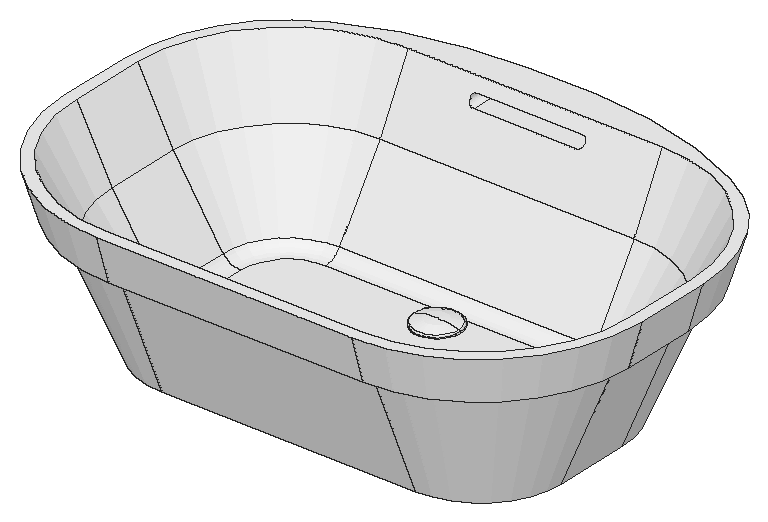
Revit family "Reece_Basin_LAUFEN_INO_Semi Inset Basin_500 mm", category Plumbing Fixtures, host Face, Revit 2018
Family settings
  Host = Face
  Round Connector Dimension = Use Diameter
  Part Type = Normal
  Cut with Voids When Loaded = No
  Shared = Yes
  Room Calculation Point = Yes
Parameters
  WFU = 0  # constant formula
  URL = "https://www.reece.com.au/product/-9506793"
  Type Comments = "Basin"
  Reece_Product_Web Page = "https://www.reece.com.au/product/-9506793"
  Reece_Product_Type = "Basin"  # constant formula
  Reece_Product_Sub Brand = "INO"  # constant formula
  Reece_Product_Number = "9506793"
  Reece_Product_Mount = "Semi Inset"
  Reece_Product_Description = "LAUFEN Ino Semi Inset Basin with Overflow No Taphole 500mm White"
  Reece_Product_Brand = "LAUFEN"  # constant formula
  Reece_Overall_Width = 500 mm  # constant formula
  Reece_Overall_Length = 365 mm  # constant formula
  Reece_Overall_Height = 150 mm  # constant formula
  Reece_Overall_Capacity = 4.20 L  # constant formula
  Reece_Material-Main = Reece_SaphirKeramik_White
  Reece_Detail_Installation = "Semi Inset Basin"  # constant formula
  Reece_Detail_Disclaimer = "THIS FILE IS THE PROPERTY OF THE REECE GROUP. IT MAY NOT BE REPRODUCED, REVERSE-ENGINEERED OR MODIFIED. ANY REPUBLICATION, TRANSMISSION OR DISTRIBUTION FOR THE PURPOSE OF COMMERCIALLY EXPLOITING THE FILES IS PROHIBITED."  # constant formula
  Reece_Detail_Connector = "No Taphole"  # constant formula
  Reece_Detail_Additional = "Overflow"  # constant formula
  Reece_Basin_Outlet = 40 mm  # constant formula
  Model = "INO"
  Manufacturer = "LAUFEN"
  Keynote = "Product #9506793, Reece_Basin_LAUFEN_INO_Semi Inset Basin_500 mm -  "
  HWFU = 0  # constant formula
  Disclaimer = "THIS FILE IS THE PROPERTY OF THE REECE GROUP. IT MAY NOT BE REPRODUCED, REVERSE-ENGINEERED OR MODIFIED. ANY REPUBLICATION, TRANSMISSION OR DISTRIBUTION FOR THE PURPOSE OF COMMERCIALLY EXPLOITING THE FILES IS PROHIBITED."  # constant formula
  Description = "LAUFEN Ino Semi Inset Basin with Overflow No Taphole 500mm White"
  Default Elevation = 1000 mm
  CWFU = 0  # constant formula
Types (2, lengths in mm): name | Keynote
  (no name) | "Product #9506793, Reece_Basin_LAUFEN_INO_Semi Inset Basin_500 mm -  "
  No Taphole_SaphirKeramik_White | "Product #9506793, Reece_Basin_LAUFEN_INO_Semi Inset Basin_500 mm - No Taphole_SaphirKeramik_White"
Reference planes
  plane 1 "Center (Front/Back)": y = -79.125
  plane 2 "Bottom": z = 0
  plane 3 "Center (Left/Right)": x = 0
  plane 4: y = 103.375
  plane 5: x = 250
  plane 6: x = -250
  plane 7: y = -261.625
  plane 8: y = -31.625
  plane 9: z = 39.967
  plane 10: z = -110.033
Forms (mm)
  Extrusion 1, void
    sketch origin (0, 0, 0) x (1, 0, 0) y (0, 1, 0)
      loop
        circle (0.403, -79.125) r 75
    from -56.848 to 42.32
  Sweep 2, solid, material "Reece_SaphirKeramik_White" <- "Reece_Material-Main"
    path origin (0, 0, 5) x (1, 0, 0) y (0, 1, 0)
      loop
        line (-110, -261.625) -> (110, -261.625)
        arc (110, -261.625) -> (208.995, -220.62) -> (250, -121.625) r 140
        line (250, -121.625) -> (250, -55.361)
        arc (250, -55.361) -> (208.995, 43.634) -> (110, 84.639) r 140
        line (110, 84.639) -> (-110, 84.639)
        arc (-110, 84.639) -> (-208.995, 43.634) -> (-250, -55.361) r 140
        line (-250, -55.361) -> (-250, -121.625)
        arc (-250, -121.625) -> (-208.995, -220.62) -> (-110, -261.625) r 140
    profile origin (0, -261.625, 5) x (0, 1, 0) y (0, 0, 1)
      loop
        line (-32.5, 35) -> (-32.5, -5) -> (17.498, -5)
        arc (17.498, -5) -> (22.123, -6.392) -> (25.212, -10.106) r 8.381
        line (25.212, -10.106) -> (69.848, -115.262) -> (107.5, -115.262) -> (107.5, -95) -> (98.956, -95)
        arc (98.956, -95) -> (90.295, -93.027) -> (83.342, -87.498) r 20
        arc (83.342, -87.498) -> (60.412, -55.943) -> (40.516, -22.392) r 418.936
        line (40.516, -22.392) -> (10, 35) -> (-32.5, 35)
  Extrusion 3, void
    sketch origin (0, 0, 0) x (1, 0, 0) y (0, 1, 0)
      loop
        arc (-110, 69.375) -> (-199.095, 32.471) -> (-236, -56.625) r 126
        line (-236, -56.625) -> (-236, -121.625)
        arc (-236, -121.625) -> (-199.095, -210.72) -> (-110, -247.625) r 126
        line (-110, -247.625) -> (110, -247.625)
        arc (110, -247.625) -> (199.095, -210.72) -> (236, -121.625) r 126
        line (236, -121.625) -> (236, -56.625)
        arc (236, -56.625) -> (199.095, 32.471) -> (110, 69.375) r 126
        line (110, 69.375) -> (-110, 69.375)
    from -110.262 to 76.88
  Extrusion 4, solid, material "Reece_SaphirKeramik_White" <- "Reece_Material-Main"
    sketch origin (0, 0, 0) x (1, 0, 0) y (0, 1, 0)
      loop
        arc (-110, -22.861) -> (-132.981, -32.38) -> (-142.5, -55.361) r 32.5
        line (-142.5, -55.361) -> (-142.5, -121.625)
        arc (-142.5, -121.625) -> (-132.981, -144.606) -> (-110, -154.125) r 32.5
        line (-110, -154.125) -> (110, -154.125)
        arc (110, -154.125) -> (132.981, -144.606) -> (142.5, -121.625) r 32.5
        line (142.5, -121.625) -> (142.5, -55.361)
        arc (142.5, -55.361) -> (132.981, -32.38) -> (110, -22.861) r 32.5
        line (110, -22.861) -> (-110, -22.861)
    from -110.262 to -90
  Extrusion 5, void
    sketch origin (0, -79.125, -100.187) x (1, 0, 0) y (0, 0, 1)
      loop
        arc (-45, 130.108) -> (-49.921, 125.187) -> (-45, 120.266) r 4.921
        line (-45, 120.266) -> (45, 120.266)
        arc (45, 120.266) -> (49.921, 125.187) -> (45, 130.108) r 4.921
        line (45, 130.108) -> (-45, 130.108)
    from -170.281 to -95
  Revolve 6, void
    sketch origin (0, -31.625, -103.615) x (1, 0, 0) y (0, 0, 1)
      loop
        line (0, -6.417) -> (0, 20.033) -> (-25.222, 20.033)
        arc (-25.222, 20.033) -> (-19.733, 15.609) -> (-15.594, 9.903) r 26.704
        arc (-15.594, 9.903) -> (-14.697, 7.602) -> (-14.392, 5.151) r 10
        line (-14.392, 5.151) -> (-14.392, -6.417) -> (0, -6.417)
      axis (0, 20.033) -> (0, -6.417)
    angle from 0 to 360
  Sweep 7, void
    path origin (0, 0, 5) x (1, 0, 0) y (0, 1, 0)
      loop
        arc (110, -261.625) -> (208.995, -220.62) -> (250, -121.625) r 140
        line (250, -121.625) -> (250, -55.885)
        arc (250, -55.885) -> (229.248, 17.463) -> (173.144, 69.067) r 140
        arc (173.144, 69.067) -> (103.16, 94.687) -> (29.143, 103.385) r 319.272
        line (29.143, 103.385) -> (-29.143, 103.385)
        arc (-29.143, 103.385) -> (-103.16, 94.687) -> (-173.144, 69.067) r 319.272
        arc (-173.144, 69.067) -> (-229.248, 17.463) -> (-250, -55.885) r 140
        line (-250, -55.885) -> (-250, -121.625)
        arc (-250, -121.625) -> (-208.995, -220.62) -> (-110, -261.625) r 140
        line (-110, -261.625) -> (110, -261.625)
    profile origin (0, -261.625, 5) x (0, -1, 0) y (0, 0, 1)
      loop
        line (50.615, -5) -> (50.615, 35) -> (0, 35) -> (-12.229, -5) -> (50.615, -5)
  Revolve 8, solid, material "Reece_SaphirKeramik_White" <- "Reece_Material-Main"
    sketch origin (0, 203.375, -882.516) x (0, 1, 0) y (0, 0, 1)
      loop
        line (-255, 735.131) -> (-255, 772.483) -> (-265, 772.483) -> (-265, 735.131) -> (-255, 735.131)
      axis (-235, 772.483) -> (-235, 735.131)
    angle from 0 to 360
  Revolve 9, solid, material "Reece_SaphirKeramik_White" <- "Reece_Material-Main"
    sketch origin (170, -31.625, -995.208) x (1, 0, 0) y (0, 0, 1)
      loop
        line (-170, 847.823) -> (-170, 911.127)
        arc (-170, 911.127) -> (-179.693, 910.312) -> (-189.127, 907.938) r 59.887
        arc (-189.127, 907.938) -> (-189.754, 907.472) -> (-189.992, 906.729) r 1.277
        line (-189.992, 906.729) -> (-189.992, 905.805) -> (-184.236, 905.805) -> (-184.236, 847.823) -> (-170, 847.823)
      axis (-170, 911.127) -> (-170, 847.823)
    angle from 0 to 360
  Extrusion 10, solid, material "Reece_SaphirKeramik_White" <- "Reece_Material-Main"
    sketch origin (0, 0, 0) x (0, 1, 0) y (0, 0, 1)
      loop
        line (-6.625, -110.033) -> (-6.625, -135.033) -> (1.24, -135.033)
        arc (1.24, -135.033) -> (10.818, -132.59) -> (18.057, -125.858) r 20
        arc (18.057, -125.858) -> (49.547, -65.306) -> (69.375, 0) r 369.899
        line (69.375, 0) -> (67.154, 0)
        arc (67.154, 0) -> (62.518, -1.395) -> (59.422, -5.118) r 8.4
        line (59.422, -5.118) -> (14.791, -110.033) -> (-6.625, -110.033)
    from -25.55 to 25.495
Cuts and joins
  joined: Revolve 8, Extrusion 10
  Extrusion 5, Sweep 7 cuts Sweep 2
  joined: Sweep 2, Extrusion 4
Lines and regions (mm)
  symbolic lines, style "PlumbingFixtures"
    curve 1: line (-110, 84.639, 0) -> (110, 84.639, 0)
    curve 2: arc (-159.003, 75.783, 0) -> (-134.898, 82.407, 0) -> (-110, 84.639, 0) r 140
    curve 3: arc (110, 84.639, 0) -> (134.898, 82.407, 0) -> (159.003, 75.783, 0) r 140
  symbolic lines
    curve 4: line (0, -249.395, 0) -> (0, -261.625, 40)
Text (mm)
  text "Reece Copyright © 2018, Reece Ltd." at (-902.343, -740.328, 0), in view "Ref. Level"
  text "Reece ©" at (44.384, 258.95, 192.345), in view "Reece Preview"
Dimensions and locks
  equal spacing: plane 6, plane 3 "Center (Left/Right)", plane 5
  equal spacing: plane 4, plane 1 "Center (Front/Back)", plane 7
  "Reece_Overall_Length": plane 4 to plane 7
  "Reece_Overall_Width": plane 6 to plane 5
  "Reece_Overall_Length": plane 7 to plane 4
  plane 4 to plane 8 = 135 mm
  host face to plane 9 = 39.967 mm  (x2)
  plane 9 to host face = 39.967 mm
  "Reece_Overall_Height": plane 10 to plane 9
  aligned and locked: host face to plane 2 "Bottom"
  aligned and locked: level to host face
Automatic sketch dimensions
  host sketch curve to host sketch curve = 801.051 mm
  host sketch curve to host sketch curve = 660.299 mm
  plane 1 "Center (Front/Back)" to Extrusion 1 sketch curve = 0 mm
  plane 3 "Center (Left/Right)" to Extrusion 1 sketch curve = 0.403 mm
  Sweep 2 sketch curve to plane 6 = 0 mm
  plane 7 to Sweep 2 sketch curve = 0 mm
  Sweep 2 sketch curve to plane 5 = 0 mm
  plane 8 to Sweep 2 sketch curve = 23.736 mm
  Sweep 2 sketch curve to plane 3 "Center (Left/Right)" = 110 mm  (x2)
  plane 1 "Center (Front/Back)" to Sweep 2 sketch curve = 42.5 mm
  plane 3 "Center (Left/Right)" to Sweep 2 sketch curve = 110 mm
  Extrusion 3 sketch curve to plane 6 = 14 mm
  plane 1 "Center (Front/Back)" to Extrusion 3 sketch curve = 42.5 mm  (x2)
  Extrusion 3 sketch curve to plane 3 "Center (Left/Right)" = 110 mm
  Extrusion 3 sketch curve to plane 1 "Center (Front/Back)" = 22.5 mm  (x2)
  Extrusion 3 sketch curve to Extrusion 3 sketch curve = 0 mm
  plane 3 "Center (Left/Right)" to Extrusion 3 sketch curve = 110 mm
  plane 1 "Center (Front/Back)" to Extrusion 4 sketch curve = 42.5 mm
  Extrusion 4 sketch curve to plane 6 = 107.5 mm
  Extrusion 4 sketch curve to plane 8 = 8.764 mm
  Extrusion 4 sketch curve to Extrusion 4 sketch curve = 32.5 mm  (x2)
  plane 3 "Center (Left/Right)" to Extrusion 4 sketch curve = 110 mm
  Extrusion 4 sketch curve to Extrusion 4 sketch curve = 0 mm
  plane 8 to Extrusion 4 sketch curve = 23.736 mm
  plane 9 to Extrusion 5 sketch curve = 10.046 mm
  Extrusion 5 sketch curve to plane 3 "Center (Left/Right)" = 45 mm
  plane 9 to Extrusion 5 sketch curve = 19.888 mm
  plane 3 "Center (Left/Right)" to Extrusion 5 sketch curve = 45 mm
  Revolve 6 sketch curve to plane 10 = 0 mm
  Revolve 6 sketch curve to plane 3 "Center (Left/Right)" = 0 mm  (x2)
  Revolve 6 sketch curve to plane 3 "Center (Left/Right)" = 14.392 mm
  Revolve 6 sketch curve to Revolve 6 sketch curve = 10 mm
  Revolve 6 sketch curve to Revolve 6 sketch curve = 0.83 mm
  Revolve 6 sketch curve to plane 10 = 3.63 mm
  Revolve 6 sketch curve to Revolve 6 sketch curve = 14.697 mm
  Revolve 6 sketch curve to plane 10 = 11.568 mm
  Revolve 6 sketch curve to Revolve 6 sketch curve = 10.13 mm
  Revolve 6 sketch curve to Revolve 6 sketch curve = 11.682 mm
  Revolve 6 sketch curve to Revolve 6 sketch curve = 1.037 mm
  plane 10 to Revolve 8 sketch curve = 0 mm
  Revolve 8 sketch curve to plane 8 = 0 mm
  plane 8 to Revolve 8 sketch curve = 20 mm
  Revolve 8 sketch curve to Revolve 8 sketch curve = 10 mm
  plane 10 to Revolve 8 sketch curve = 37.352 mm
  Revolve 8 sketch curve to Revolve 8 sketch curve = 0 mm
  Revolve 8 sketch curve to plane 10 = 0.131 mm
  plane 3 "Center (Left/Right)" to Revolve 9 sketch curve = 0 mm
  Revolve 9 sketch curve to plane 3 "Center (Left/Right)" = 0 mm
  plane 10 to Revolve 9 sketch curve = 37.352 mm
  Revolve 9 sketch curve to Revolve 9 sketch curve = 14.236 mm
  Revolve 9 sketch curve to Revolve 9 sketch curve = 4.479 mm
  Revolve 9 sketch curve to Revolve 9 sketch curve = 1.277 mm
  plane 3 "Center (Left/Right)" to Revolve 9 sketch curve = 0.158 mm
  Revolve 9 sketch curve to Revolve 9 sketch curve = 3.417 mm
  Revolve 9 sketch curve to plane 10 = 20.63 mm
  Revolve 9 sketch curve to Revolve 9 sketch curve = 0.924 mm
  Revolve 9 sketch curve to Revolve 9 sketch curve = 5.322 mm
  Revolve 9 sketch curve to Revolve 9 sketch curve = 4.96 mm
  Revolve 9 sketch curve to Revolve 9 sketch curve = 2.278 mm
  plane 7 to Extrusion 10 sketch curve = 31.348 mm
  Extrusion 10 sketch curve to plane 8 = 25 mm
  Extrusion 10 sketch curve to Extrusion 10 sketch curve = 7.864 mm
  Extrusion 10 sketch curve to Extrusion 10 sketch curve = 13.551 mm
  Extrusion 10 sketch curve to level = 5.118 mm
  Extrusion 10 sketch curve to plane 4 = 43.954 mm
  Extrusion 10 sketch curve to level = 8.4 mm
  plane 10 to Extrusion 10 sketch curve = 5 mm
  Extrusion 10 sketch curve to Extrusion 10 sketch curve = 20 mm
  Extrusion 10 sketch curve to Extrusion 10 sketch curve = 0 mm
  Extrusion 10 sketch curve to plane 4 = 34 mm
  Extrusion 10 sketch curve to level = 0 mm
  plane 10 to Extrusion 10 sketch curve = 0 mm
  plane 8 to curve 2 = 23.736 mm
  curve 2 to plane 3 "Center (Left/Right)" = 110 mm
  plane 8 to curve 3 = 23.736 mm
  plane 3 "Center (Left/Right)" to curve 3 = 110 mm
  curve 1 to plane 4 = 18.736 mm
  curve 2 to plane 4 = 27.593 mm
  curve 3 to plane 4 = 27.593 mm
  Sweep 7 sketch curve to plane 6 = 0 mm
  plane 7 to Sweep 7 sketch curve = 0 mm
  Sweep 7 sketch curve to plane 5 = 0 mm
  Sweep 7 sketch curve to plane 1 "Center (Front/Back)" = 23.24 mm  (x2)
  Sweep 7 sketch curve to plane 3 "Center (Left/Right)" = 110 mm  (x2)
  plane 4 to Sweep 7 sketch curve = 0.01 mm
  Sweep 7 sketch curve to plane 3 "Center (Left/Right)" = 29.143 mm
  plane 3 "Center (Left/Right)" to Sweep 7 sketch curve = 29.143 mm
  Sweep 7 sketch curve to Sweep 7 sketch curve = 80.857 mm
  Sweep 7 sketch curve to Sweep 7 sketch curve = 0 mm
  Sweep 7 sketch curve to plane 7 = 45.738 mm  (x2)
  curve 4 to plane 7 = 0 mm
  curve 4 to level = 0 mm
  curve 4 to plane 7 = 12.229 mm
  curve 4 to plane 9 = 0.033 mm
  profile plane to Sweep 2 sketch curve = 32.5 mm
  Sweep 2 sketch curve to profile plane = 10 mm
  Sweep 2 sketch curve to profile plane = 5 mm
  Sweep 2 sketch curve to profile plane = 17.498 mm
  Sweep 2 sketch curve to profile plane = 10.106 mm
  Sweep 2 sketch curve to Sweep 2 sketch curve = 7.715 mm
  Sweep 2 sketch curve to Sweep 2 sketch curve = 15.303 mm
  Sweep 2 sketch curve to profile plane = 69.848 mm
  Sweep 2 sketch curve to Sweep 2 sketch curve = 29.108 mm
  Sweep 2 sketch curve to Sweep 2 sketch curve = 8.544 mm
  profile plane to Sweep 2 sketch curve = 174.287 mm
  Sweep 2 sketch curve to Sweep 2 sketch curve = 311.458 mm
  Sweep 2 sketch curve to Sweep 2 sketch curve = 12.285 mm
  Sweep 2 sketch curve to profile plane = 75 mm
  Sweep 2 sketch curve to Sweep 2 sketch curve = 20 mm
  Sweep 2 sketch curve to Sweep 2 sketch curve = 20.262 mm
  profile plane to Sweep 2 sketch curve = 35 mm
  Sweep 7 sketch curve to profile plane = 0 mm
  Sweep 7 sketch curve to profile plane = 5 mm
  profile plane to Sweep 7 sketch curve = 12.229 mm
  Sweep 7 sketch curve to Sweep 7 sketch curve = 50.615 mm
  profile plane to Sweep 7 sketch curve = 35 mm
  radius of Extrusion 1 sketch curve = 75 mm
Connectors
  piping at (0, -31.625, -147.385), diameter 40, driven by "Reece_Basin_Outlet"
    settings: on cut or joined group of Revolve 8, Extrusion 10, index 1, connector inside diameter 609.6 mm, connector length 0 mm, flow factor 0, pipe flow 0.0 L/s, pressure drop 0.0 Pa, fitting loss kfactor 0, connector angle 0.00°, fixture units 0, engagement length 0 mm, angle of deflection 0.00°, flow configuration 0, flow direction 2, fitting loss method 0, system type 16, joint type 0, gender type 0, connector reference index -1, connector utility 0, adjustable connector no, is connector primary yes, connector description ""
